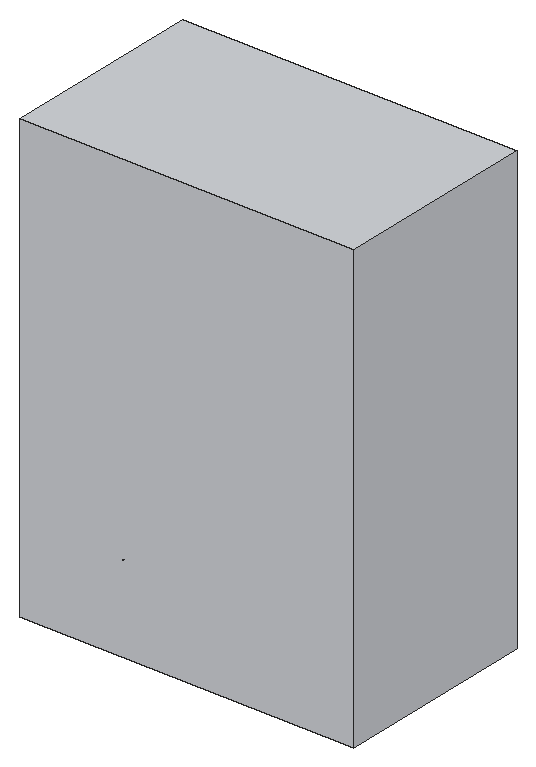
Revit family
Parameters
  hook [instance] = h - 1  # 5
  h [instance] = Unit Width / 0' 8 179/256"  # 6
  ed [instance] = 0' - 6 11/16"
  Warranty Duration (Years) = 0
  Unit Width [instance] = 4' - 0"
  Unit Height [instance] = 0' - 0"
  Unit Depth = 0' - 0"
  URL = "http://www.americanspecialties.com/viewCategories.cfm"
  Trim Material = Rubber
  Test Data = ""
  Specification = "http://www.arcat.com/sdspecs/htm/10810asi.htm"
  SpecWizard = ""
  Send Message = "http://www.arcat.com/users.pl?action=UserEmail&company=American%20Specialties,%20Inc.&coid=30448&rep=139&fax=914-476-0688&mf="
  Sales Information = "http://www.americanspecialties.com/contact"
  Revision = "R1_10-2010"
  Product Properties = "http://www.americanspecialties.com/datasheets/13151.pdf"
  Product Data = "http://www.arcat.com/arcatcos/cos30/arc30448.html"
  Model = "As Specified in 10 28 13"
  Manufacturer Website = "http://www.americanspecialties.com/viewCategories.cfm"
  Manufacturer Phone - Toll Free = ""
  Manufacturer Phone = "914-476-9000 "
  Manufacturer Fax = "914-476-0688"
  Manufacturer Address = "441 Saw Mill River Rd., Yonkers, NY 10701"
  Manufacturer = "American Specialties, Inc."
  Maintenance Schedule (Months) = 0
  Keynote = "10 28 13"
  Installation-Fabrication = "http://www.americanspecialties.com/products.cfm"
  Green Building-LEED = ""
  Expected Lifespan (Years) = 0
  Drawn By = "Robert S. Weygant. CSI, CDT, SCIP"  # constant formula
  Description = "Toilet Accessory as Specified in 10 28 13"
  Default Elevation = 4' - 0"
  Copyright = "©Arcat Inc."
  Construction Details = "http://www.arcat.com/green/clients/leed_data_30448.html"
  Building Codes = "http://www.americanspecialties.com/products.cfm"
  Body Material = Metal - Stainless Steel
  Assembly Code = "C1030210"
Reference planes (in)
  plane 1 "Center (Front/Back)": y = -0.29112
  plane 2 "Floor Line": z = 0
  plane 3 "Center (Left/Right)": x = -0.65843
Forms (in)
  Extrusion 1, solid
    sketch origin (-3, -9, -6) x (0, 0, -1) y (1, 0, 0)
      loop
        line (-82, 56.90407) -> (-82, -0.06991) -> (-6, -0.06991) -> (-6, 56.90407) -> (-82, 56.90407)
    from 9 to -25.60721
  Extrusion 2, solid, material "Metal - Stainless Steel" <- "Body Material"
    sketch origin (-14.31405, -2.48146, -2.61605) x (1, 0, 0) y (0, 0, 1)
      loop
        line (15.15562, 10.61605) -> (18.15562, 10.61605) -> (18.15562, 11.46368) -> (18.03062, 11.46368) -> (18.03062, 10.74105) -> (15.28062, 10.74105) -> (15.28062, 12.51646) -> (15.15562, 12.51646) -> (15.15562, 10.61605)
    from -1.5 to -2.88069
  Extrusion 3, solid, material "Rubber" <- "Trim Material"
    sketch origin (1.375, 0, 4.5) x (1, 0, 0) y (0, 1, 0)
      loop
        arc (1.71876, -0.00164) -> (1.38167, 0.05154) -> (1.04802, -0.02014) r 0.93233
        arc (1.04802, -0.02014) -> (0.90772, -0.07915) -> (0.79313, -0.17932) r 0.47745
        arc (0.79313, -0.17932) -> (0.82811, -0.32067) -> (0.6876, -0.35889) r 0.10417
        arc (0.6876, -0.35889) -> (0.5665, -0.32788) -> (0.49553, -0.22496) r 0.1783
        line (0.49553, -0.22496) -> (0.30272, -0.22496) -> (0.30272, -0.4268)
        arc (0.30272, -0.4268) -> (1.23821, -1.05205) -> (2.33702, -0.8097) r 1.43411
        arc (2.33702, -0.8097) -> (2.14783, -0.3139) -> (1.71876, -0.00164) r 0.93233
    from 3.70633 to 5.00782
  Extrusion 4, solid, material "Rubber" <- "Trim Material"
    sketch origin (1.5, 0, 4.5) x (1, 0, 0) y (0, 1, 0)
      loop
        circle (1.63426, -0.62262) r 0.25
    from 5.00782 to 5.1404
  Extrusion 5, solid, material "Rubber" <- "Trim Material"
    sketch origin (1.5, 0, 4.5) x (1, 0, 0) y (0, 1, 0)
      loop
        circle (0.52944, 0.16479) r 0.08601
      loop
        circle (1.83175, 0.16479) r 0.08601
    from 3.625 to 3.70633
  Extrusion 6, solid, material "Metal - Stainless Steel" <- "Body Material"
    sketch origin (-21.18977, -9.04016, 8) x (0, -1, 0) y (1, 0, 0)
      loop
        line (-7.49904, 20.53134) -> (-7.49904, 68.53134) -> (-9.99904, 68.53134) -> (-9.99904, 20.53134) -> (-7.49904, 20.53134)
    from 0 to -8
  Extrusion 7, solid, material "Metal - Stainless Steel" <- "Body Material"
    sketch origin (5.84157, -1.91667, -2.5) x (0, 1, 0) y (0, 0, 1)
      loop
        line (0.37555, 2.5) -> (0.37555, 7.16667) -> (-3.12445, 2.5) -> (0.37555, 2.5)
    from -2.5 to -4.5
  Extrusion 8, solid, material "Metal - Stainless Steel" <- "Body Material"
    sketch origin (7.02907, 9.56851, 0.88204) x (0, 1, 0) y (0, 0, 1)
      loop
        arc (-8.86039, 7.11796) -> (-8.82914, 7.14921) -> (-8.86039, 7.18046) r 0.03125
        line (-8.86039, 7.18046) -> (-11.60347, 7.18046)
        arc (-11.60347, 7.18046) -> (-12.01131, 7.68046) -> (-11.60347, 8.18046) r 0.51041
        line (-11.60347, 8.18046) -> (-11.19811, 8.18046) -> (-11.19811, 8.24296) -> (-11.60963, 8.24296)
        arc (-11.60963, 8.24296) -> (-12.07381, 7.68046) -> (-11.60963, 7.11796) r 0.57291
        line (-11.60963, 7.11796) -> (-8.86039, 7.11796)
    from 0 to -1
  Extrusion 9, solid, material "Metal - Stainless Steel" <- "Body Material"
    sketch origin (27.68595, -2.48146, -2.61605) x (1, 0, 0) y (0, 0, 1)
      loop
        line (15.15562, 10.61605) -> (18.15562, 10.61605) -> (18.15562, 11.46368) -> (18.03062, 11.46368) -> (18.03062, 10.74105) -> (15.28062, 10.74105) -> (15.28062, 12.51646) -> (15.15562, 12.51646) -> (15.15562, 10.61605)
    from -1.5 to -2.88069
  Extrusion 10, solid, material "Rubber" <- "Trim Material"
    sketch origin (43.375, 0, 4.5) x (1, 0, 0) y (0, 1, 0)
      loop
        arc (1.71876, -0.00164) -> (1.38167, 0.05154) -> (1.04802, -0.02014) r 0.93233
        arc (1.04802, -0.02014) -> (0.90772, -0.07915) -> (0.79313, -0.17932) r 0.47745
        arc (0.79313, -0.17932) -> (0.82811, -0.32067) -> (0.6876, -0.35889) r 0.10417
        arc (0.6876, -0.35889) -> (0.5665, -0.32788) -> (0.49553, -0.22496) r 0.1783
        line (0.49553, -0.22496) -> (0.30272, -0.22496) -> (0.30272, -0.4268)
        arc (0.30272, -0.4268) -> (1.23821, -1.05205) -> (2.33702, -0.8097) r 1.43411
        arc (2.33702, -0.8097) -> (2.14783, -0.3139) -> (1.71876, -0.00164) r 0.93233
    from 3.70633 to 5.00782
  Extrusion 11, solid, material "Rubber" <- "Trim Material"
    sketch origin (43.5, 0, 4.5) x (1, 0, 0) y (0, 1, 0)
      loop
        circle (1.63426, -0.62262) r 0.25
    from 5.00782 to 5.1404
  Extrusion 12, solid, material "Rubber" <- "Trim Material"
    sketch origin (43.5, 0, 4.5) x (1, 0, 0) y (0, 1, 0)
      loop
        circle (0.52944, 0.16479) r 0.08601
      loop
        circle (1.83175, 0.16479) r 0.08601
    from 3.625 to 3.70633
  Extrusion 13, solid, material "Metal - Stainless Steel" <- "Body Material"
    sketch origin (-5.91405, -2.48146, -2.61605) x (1, 0, 0) y (0, 0, 1)
      loop
        line (15.15562, 10.61605) -> (18.15562, 10.61605) -> (18.15562, 11.46368) -> (18.03062, 11.46368) -> (18.03062, 10.74105) -> (15.28062, 10.74105) -> (15.28062, 12.51646) -> (15.15562, 12.51646) -> (15.15562, 10.61605)
    from -1.5 to -2.88069
  Extrusion 14, solid, material "Rubber" <- "Trim Material"
    sketch origin (9.775, 0, 4.5) x (1, 0, 0) y (0, 1, 0)
      loop
        arc (1.71876, -0.00164) -> (1.38167, 0.05154) -> (1.04802, -0.02014) r 0.93233
        arc (1.04802, -0.02014) -> (0.90772, -0.07915) -> (0.79313, -0.17932) r 0.47745
        arc (0.79313, -0.17932) -> (0.82811, -0.32067) -> (0.6876, -0.35889) r 0.10417
        arc (0.6876, -0.35889) -> (0.5665, -0.32788) -> (0.49553, -0.22496) r 0.1783
        line (0.49553, -0.22496) -> (0.30272, -0.22496) -> (0.30272, -0.4268)
        arc (0.30272, -0.4268) -> (1.23821, -1.05205) -> (2.33702, -0.8097) r 1.43411
        arc (2.33702, -0.8097) -> (2.14783, -0.3139) -> (1.71876, -0.00164) r 0.93233
    from 3.70633 to 5.00782
  Extrusion 15, solid, material "Rubber" <- "Trim Material"
    sketch origin (9.9, 0, 4.5) x (1, 0, 0) y (0, 1, 0)
      loop
        circle (1.63426, -0.62262) r 0.25
    from 5.00782 to 5.1404
  Extrusion 16, solid, material "Rubber" <- "Trim Material"
    sketch origin (9.9, 0, 4.5) x (1, 0, 0) y (0, 1, 0)
      loop
        circle (0.52944, 0.16479) r 0.08601
      loop
        circle (1.83175, 0.16479) r 0.08601
    from 3.625 to 3.70633
  Extrusion 17, solid, material "Metal - Stainless Steel" <- "Body Material"
    sketch origin (22.84157, -1.91667, -2.5) x (0, 1, 0) y (0, 0, -1)
      loop
        line (0.37555, -2.5) -> (-3.12445, -2.5) -> (0.37555, -7.16667) -> (0.37555, -2.5)
    from -20.5 to -22.5
  Extrusion 18, solid, material "Metal - Stainless Steel" <- "Body Material"
    sketch origin (-0.65843, 0, 0) x (0, 1, 0) y (0, 0, 1)
      loop
        circle (-1.79112, 3.25) r 0.125
    from 2 to 46
  Extrusion 19, solid, material "Metal - Stainless Steel" <- "Body Material"
    sketch origin (40.65407, 9.56851, 0.88204) x (0, 1, 0) y (0, 0, 1)
      loop
        arc (-8.86039, 7.11796) -> (-8.82914, 7.14921) -> (-8.86039, 7.18046) r 0.03125
        line (-8.86039, 7.18046) -> (-11.60347, 7.18046)
        arc (-11.60347, 7.18046) -> (-12.01131, 7.68046) -> (-11.60347, 8.18046) r 0.51041
        line (-11.60347, 8.18046) -> (-11.19811, 8.18046) -> (-11.19811, 8.24296) -> (-11.60963, 8.24296)
        arc (-11.60963, 8.24296) -> (-12.07381, 7.68046) -> (-11.60963, 7.11796) r 0.57291
        line (-11.60963, 7.11796) -> (-8.86039, 7.11796)
    from 0 to -1
  Extrusion 20, solid, material "Metal - Stainless Steel" <- "Body Material"
    sketch origin (2.48595, -2.48146, -2.61605) x (1, 0, 0) y (0, 0, 1)
      loop
        line (15.15562, 10.61605) -> (18.15562, 10.61605) -> (18.15562, 11.46368) -> (18.03062, 11.46368) -> (18.03062, 10.74105) -> (15.28062, 10.74105) -> (15.28062, 12.51646) -> (15.15562, 12.51646) -> (15.15562, 10.61605)
    from -1.5 to -2.88069
  Extrusion 21, solid, material "Rubber" <- "Trim Material"
    sketch origin (18.175, 0, 4.5) x (1, 0, 0) y (0, 1, 0)
      loop
        arc (1.71876, -0.00164) -> (1.38167, 0.05154) -> (1.04802, -0.02014) r 0.93233
        arc (1.04802, -0.02014) -> (0.90772, -0.07915) -> (0.79313, -0.17932) r 0.47745
        arc (0.79313, -0.17932) -> (0.82811, -0.32067) -> (0.6876, -0.35889) r 0.10417
        arc (0.6876, -0.35889) -> (0.5665, -0.32788) -> (0.49553, -0.22496) r 0.1783
        line (0.49553, -0.22496) -> (0.30272, -0.22496) -> (0.30272, -0.4268)
        arc (0.30272, -0.4268) -> (1.23821, -1.05205) -> (2.33702, -0.8097) r 1.43411
        arc (2.33702, -0.8097) -> (2.14783, -0.3139) -> (1.71876, -0.00164) r 0.93233
    from 3.70633 to 5.00782
  Extrusion 22, solid, material "Rubber" <- "Trim Material"
    sketch origin (18.3, 0, 4.5) x (1, 0, 0) y (0, 1, 0)
      loop
        circle (1.63426, -0.62262) r 0.25
    from 5.00782 to 5.1404
  Extrusion 23, solid, material "Rubber" <- "Trim Material"
    sketch origin (18.3, 0, 4.5) x (1, 0, 0) y (0, 1, 0)
      loop
        circle (0.52944, 0.16479) r 0.08601
      loop
        circle (1.83175, 0.16479) r 0.08601
    from 3.625 to 3.70633
  Extrusion 24, solid, material "Metal - Stainless Steel" <- "Body Material"
    sketch origin (15.43532, 9.56851, 0.88204) x (0, 1, 0) y (0, 0, 1)
      loop
        arc (-8.86039, 7.11796) -> (-8.82914, 7.14921) -> (-8.86039, 7.18046) r 0.03125
        line (-8.86039, 7.18046) -> (-11.60347, 7.18046)
        arc (-11.60347, 7.18046) -> (-12.01131, 7.68046) -> (-11.60347, 8.18046) r 0.51041
        line (-11.60347, 8.18046) -> (-11.19811, 8.18046) -> (-11.19811, 8.24296) -> (-11.60963, 8.24296)
        arc (-11.60963, 8.24296) -> (-12.07381, 7.68046) -> (-11.60963, 7.11796) r 0.57291
        line (-11.60963, 7.11796) -> (-8.86039, 7.11796)
    from 0 to -1
  Extrusion 25, solid, material "Metal - Stainless Steel" <- "Body Material"
    sketch origin (10.88595, -2.48146, -2.61605) x (1, 0, 0) y (0, 0, 1)
      loop
        line (15.15562, 10.61605) -> (18.15562, 10.61605) -> (18.15562, 11.46368) -> (18.03062, 11.46368) -> (18.03062, 10.74105) -> (15.28062, 10.74105) -> (15.28062, 12.51646) -> (15.15562, 12.51646) -> (15.15562, 10.61605)
    from -1.5 to -2.88069
  Extrusion 26, solid, material "Rubber" <- "Trim Material"
    sketch origin (26.575, 0, 4.5) x (1, 0, 0) y (0, 1, 0)
      loop
        arc (1.71876, -0.00164) -> (1.38167, 0.05154) -> (1.04802, -0.02014) r 0.93233
        arc (1.04802, -0.02014) -> (0.90772, -0.07915) -> (0.79313, -0.17932) r 0.47745
        arc (0.79313, -0.17932) -> (0.82811, -0.32067) -> (0.6876, -0.35889) r 0.10417
        arc (0.6876, -0.35889) -> (0.5665, -0.32788) -> (0.49553, -0.22496) r 0.1783
        line (0.49553, -0.22496) -> (0.30272, -0.22496) -> (0.30272, -0.4268)
        arc (0.30272, -0.4268) -> (1.23821, -1.05205) -> (2.33702, -0.8097) r 1.43411
        arc (2.33702, -0.8097) -> (2.14783, -0.3139) -> (1.71876, -0.00164) r 0.93233
    from 3.70633 to 5.00782
  Extrusion 27, solid, material "Rubber" <- "Trim Material"
    sketch origin (26.7, 0, 4.5) x (1, 0, 0) y (0, 1, 0)
      loop
        circle (1.63426, -0.62262) r 0.25
    from 5.00782 to 5.1404
  Extrusion 28, solid, material "Rubber" <- "Trim Material"
    sketch origin (26.7, 0, 4.5) x (1, 0, 0) y (0, 1, 0)
      loop
        circle (0.52944, 0.16479) r 0.08601
      loop
        circle (1.83175, 0.16479) r 0.08601
    from 3.625 to 3.70633
  Extrusion 29, solid, material "Metal - Stainless Steel" <- "Body Material"
    sketch origin (19.28595, -2.48146, -2.61605) x (1, 0, 0) y (0, 0, 1)
      loop
        line (15.15562, 10.61605) -> (18.15562, 10.61605) -> (18.15562, 11.46368) -> (18.03062, 11.46368) -> (18.03062, 10.74105) -> (15.28062, 10.74105) -> (15.28062, 12.51646) -> (15.15562, 12.51646) -> (15.15562, 10.61605)
    from -1.5 to -2.88069
  Extrusion 30, solid, material "Rubber" <- "Trim Material"
    sketch origin (34.975, 0, 4.5) x (1, 0, 0) y (0, 1, 0)
      loop
        arc (1.71876, -0.00164) -> (1.38167, 0.05154) -> (1.04802, -0.02014) r 0.93233
        arc (1.04802, -0.02014) -> (0.90772, -0.07915) -> (0.79313, -0.17932) r 0.47745
        arc (0.79313, -0.17932) -> (0.82811, -0.32067) -> (0.6876, -0.35889) r 0.10417
        arc (0.6876, -0.35889) -> (0.5665, -0.32788) -> (0.49553, -0.22496) r 0.1783
        line (0.49553, -0.22496) -> (0.30272, -0.22496) -> (0.30272, -0.4268)
        arc (0.30272, -0.4268) -> (1.23821, -1.05205) -> (2.33702, -0.8097) r 1.43411
        arc (2.33702, -0.8097) -> (2.14783, -0.3139) -> (1.71876, -0.00164) r 0.93233
    from 3.70633 to 5.00782
  Extrusion 31, solid, material "Rubber" <- "Trim Material"
    sketch origin (35.1, 0, 4.5) x (1, 0, 0) y (0, 1, 0)
      loop
        circle (1.63426, -0.62262) r 0.25
    from 5.00782 to 5.1404
  Extrusion 32, solid, material "Rubber" <- "Trim Material"
    sketch origin (35.1, 0, 4.5) x (1, 0, 0) y (0, 1, 0)
      loop
        circle (0.52944, 0.16479) r 0.08601
      loop
        circle (1.83175, 0.16479) r 0.08601
    from 3.625 to 3.70633
  Extrusion 33, solid, material "Metal - Stainless Steel" <- "Body Material"
    sketch origin (23.84157, 9.56851, 0.88204) x (0, 1, 0) y (0, 0, 1)
      loop
        arc (-8.86039, 7.11796) -> (-8.82914, 7.14921) -> (-8.86039, 7.18046) r 0.03125
        line (-8.86039, 7.18046) -> (-11.60347, 7.18046)
        arc (-11.60347, 7.18046) -> (-12.01131, 7.68046) -> (-11.60347, 8.18046) r 0.51041
        line (-11.60347, 8.18046) -> (-11.19811, 8.18046) -> (-11.19811, 8.24296) -> (-11.60963, 8.24296)
        arc (-11.60963, 8.24296) -> (-12.07381, 7.68046) -> (-11.60963, 7.11796) r 0.57291
        line (-11.60963, 7.11796) -> (-8.86039, 7.11796)
    from 0 to -1
  Extrusion 34, solid, material "Metal - Stainless Steel" <- "Body Material"
    sketch origin (32.24782, 9.56851, 0.88204) x (0, 1, 0) y (0, 0, 1)
      loop
        arc (-8.86039, 7.11796) -> (-8.82914, 7.14921) -> (-8.86039, 7.18046) r 0.03125
        line (-8.86039, 7.18046) -> (-11.60347, 7.18046)
        arc (-11.60347, 7.18046) -> (-12.01131, 7.68046) -> (-11.60347, 8.18046) r 0.51041
        line (-11.60347, 8.18046) -> (-11.19811, 8.18046) -> (-11.19811, 8.24296) -> (-11.60963, 8.24296)
        arc (-11.60963, 8.24296) -> (-12.07381, 7.68046) -> (-11.60963, 7.11796) r 0.57291
        line (-11.60963, 7.11796) -> (-8.86039, 7.11796)
    from 0 to -1
Dimensions and locks (in)
  "Unit Width": Extrusion 6 to Extrusion 6
  locked: Extrusion 6 to Extrusion 2 at 1.5
  locked: Extrusion 9 to Extrusion 6 at 1.5
  locked: Extrusion 17 to Extrusion 6 at 2
  locked: Extrusion 6 to Extrusion 7 at 2
  locked: Extrusion 17 to Extrusion 17 at 2
  locked: Extrusion 7 to Extrusion 7 at 2
  "ed": Extrusion 6 to Extrusion 8
  equal spacing: group 1, group 3, group 4, group 5, group 2  (x3)
  "ed": Extrusion 19 to Extrusion 6
  aligned and locked: Extrusion 1 to level
  aligned and locked: Extrusion 3 to Extrusion 4
  aligned and locked: Extrusion 10 to Extrusion 11
  aligned and locked: Extrusion 14 to Extrusion 15
  aligned and locked: Extrusion 7 to Extrusion 18
  aligned and locked: Extrusion 17 to Extrusion 18
  aligned and locked: Extrusion 21 to Extrusion 22
  aligned and locked: Extrusion 26 to Extrusion 27
  aligned and locked: Extrusion 30 to Extrusion 31
Automatic sketch dimensions
  Extrusion 1 sketch curve to Extrusion 1 sketch curve = 6' - 4"
  Extrusion 1 sketch curve to Extrusion 1 sketch curve = 4' - 8.97398"
  Extrusion 6 sketch curve to plane 3 "Center (Left/Right)" = 0' - 0"
  Extrusion 6 sketch curve to plane 1 "Center (Front/Back)" = 0' - 1 1/4"
  plane 1 "Center (Front/Back)" to Extrusion 6 sketch curve = 0' - 1 1/4"
  plane 3 "Center (Left/Right)" to Extrusion 6 sketch curve = 4' - 0"
  Extrusion 7 sketch curve to level = 0' - 0"
  plane 1 "Center (Front/Back)" to Extrusion 7 sketch curve = 0' - 4 3/4"
  plane 1 "Center (Front/Back)" to Extrusion 7 sketch curve = 0' - 1 1/4"
  level to Extrusion 7 sketch curve = 0' - 4.66667"
  Extrusion 17 sketch curve to level = 0' - 0"
  plane 1 "Center (Front/Back)" to Extrusion 17 sketch curve = 0' - 4 3/4"
  plane 1 "Center (Front/Back)" to Extrusion 17 sketch curve = 0' - 1 1/4"
  level to Extrusion 17 sketch curve = 0' - 4.66667"
  plane 1 "Center (Front/Back)" to Extrusion 18 sketch curve = 0' - 1 1/2"
  level to Extrusion 18 sketch curve = 0' - 3 1/4"
  radius of Extrusion 18 sketch curve = 0' - 0 1/8"
